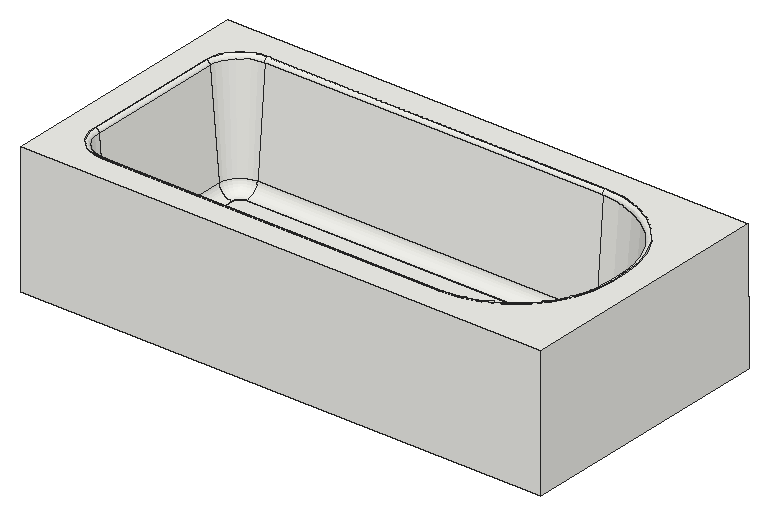
Revit family "M_Banheira-Retangular-3D", category Peças hidrossanitárias, Revit 2019
Family settings
  Hospedeiro = Parede
  Cota do conector redondo = Utilizar diâmetro
  Tipo de parte = Normal
  Número OmniClass = 23.45.05.14.21.11
  Título OmniClass = Bath/Shower Units
  ID de item do Seek = Tub-Rectangular-3D-0000-CAN-ENU
  Sempre na vertical = Sim
  Corte com vazios quando carregada = Não
  Compartilhado = Não
  Ponto de cálculo do ambiente = Não
Parameters
  Linear = 762.00 mm
  Altura = 380.00 mm
  Material do sifão = Porcelana, Marfim
  Largura = 1525.00 mm
Reference planes
  plane 1: y = 0
  plane 2: y = 76.2
  plane 3: y = 838.2
  plane 4: x = -1110.603
  plane 5: x = 414.397
  plane 6: y = 457.2
  plane 7: x = -348.103
  plane 8: z = 380
  plane 9: z = 360.95
Forms (mm)
  Sweep 1, solid, material "Porcelana, Marfim" <- "Material do sifão"
    path origin (0, 0, 380) x (0, 1, 0) y (-1, 0, 0)
      loop
        line (762, -58.797) -> (762, 932.803)
        arc (762, 932.803) -> (732.242, 1004.645) -> (660.4, 1034.403) r 101.6
        line (660.4, 1034.403) -> (254, 1034.403)
        arc (254, 1034.403) -> (182.158, 1004.645) -> (152.4, 932.803) r 101.6
        line (152.4, 932.803) -> (152.4, -58.797)
        arc (152.4, -58.797) -> (234.234, -256.363) -> (431.8, -338.197) r 279.4
        line (431.8, -338.197) -> (482.6, -338.197)
        arc (482.6, -338.197) -> (680.166, -256.363) -> (762, -58.797) r 279.4
    profile origin (-437.003, 0, 380) x (0, -1, 0) y (0, 0, 1)
      loop
        line (-762, 0) -> (-762, -364.136) -> (-685.396, -364.136) -> (-685.396, -345.086)
        arc (-685.396, -345.086) -> (-711.136, -335.077) -> (-723.351, -310.307) r 38.1
        line (-723.351, -310.307) -> (-749.522, -11.177)
        arc (-749.522, -11.177) -> (-753.624, -3.203) -> (-762, 0) r 12.554
  Extrusion 2, solid, material "Porcelana, Marfim" <- "Material do sifão"
    sketch origin (58.797, 431.8, 15.864) x (0, -1, 0) y (1, 0, 0)
      loop
        arc (-253.596, -991.6) -> (-246.275, -1009.275) -> (-228.6, -1016.596) r 24.996
        line (-228.6, -1016.596) -> (177.8, -1016.596)
        arc (177.8, -1016.596) -> (195.475, -1009.275) -> (202.796, -991.6) r 24.996
        line (202.796, -991.6) -> (202.796, 0)
        arc (202.796, 0) -> (143.399, 143.399) -> (0, 202.796) r 202.796
        line (0, 202.796) -> (-50.8, 202.796)
        arc (-50.8, 202.796) -> (-194.199, 143.399) -> (-253.596, 0) r 202.796
        line (-253.596, 0) -> (-253.596, -991.6)
      loop
        circle (-25.4, -972.394) r 22.225
    from 0 to 19.05
  Extrusion 3, solid, material "Porcelana, Marfim" <- "Material do sifão"
    sketch origin (0, 0, 0) x (1, 0, 0) y (0, 1, 0)
      loop
        line (-1110.603, 838.2) -> (-1110.603, 76.2) -> (414.397, 76.2) -> (414.397, 838.2) -> (-1110.603, 838.2)
      loop
        line (-1091.553, 819.15) -> (-1091.553, 95.25) -> (395.347, 95.25) -> (395.347, 819.15) -> (-1091.553, 819.15)
    from 0 to 360.95
  Extrusion 4, solid, material "Porcelana, Marfim" <- "Material do sifão"
    sketch origin (0, 0, 380) x (0, 1, 0) y (-1, 0, 0)
      loop
        line (838.2, 1110.603) -> (76.2, 1110.603) -> (76.2, -414.397) -> (838.2, -414.397) -> (838.2, 1110.603)
      loop
        line (762, -58.797) -> (762, 932.803)
        arc (762, 932.803) -> (732.242, 1004.645) -> (660.4, 1034.403) r 101.6
        line (660.4, 1034.403) -> (254, 1034.403)
        arc (254, 1034.403) -> (182.158, 1004.645) -> (152.4, 932.803) r 101.6
        line (152.4, 932.803) -> (152.4, -58.797)
        arc (152.4, -58.797) -> (234.234, -256.363) -> (431.8, -338.197) r 279.4
        line (431.8, -338.197) -> (482.6, -338.197)
        arc (482.6, -338.197) -> (680.166, -256.363) -> (762, -58.797) r 279.4
    from 0 to -19.05
Cuts and joins
  joined: Extrusion 3, Extrusion 4
Lines and regions (mm)
  Masking region 1
    outline origin (0, 0, 0) x (1, 0, 0) y (0, 1, 0)
      loop
        line (-1110.603, 838.2) -> (-1110.603, 76.2) -> (414.397, 76.2) -> (414.397, 838.2) -> (-1110.603, 838.2)
  symbolic lines
    curve 1: line (-932.803, 152.4, 0) -> (58.797, 152.4, 0)
    curve 2: line (-1034.403, 660.4, 0) -> (-1034.403, 254, 0)
    curve 3: line (58.797, 762, 0) -> (-932.803, 762, 0)
    curve 4: line (338.197, 431.8, 0) -> (338.197, 482.6, 0)
    curve 5: arc (-932.803, 762, 0) -> (-1004.645, 732.242, 0) -> (-1034.403, 660.4, 0) r 101.6
    curve 6: arc (-1034.403, 254, 0) -> (-1004.645, 182.158, 0) -> (-932.803, 152.4, 0) r 101.6
    curve 7: arc (58.797, 762, 0) -> (256.363, 680.166, 0) -> (338.197, 482.6, 0) r 279.4
    curve 8: arc (338.197, 431.8, 0) -> (256.363, 234.234, 0) -> (58.797, 152.4, 0) r 279.4
    curve 9: arc (-913.597, 479.425, 0) -> (-891.372, 457.2, 0) -> (-913.597, 434.975, 0) r 22.225
    curve 10: arc (-913.597, 434.975, 0) -> (-935.822, 457.2, 0) -> (-913.597, 479.425, 0) r 22.225
Text (mm)
  text "Interior" at (0, 975.983, 732.49), in view "Direita"
  text "Interior" at (0, 649.11, 765.354), in view "Esquerda"
Dimensions and locks
  equal spacing: plane 4, plane 7, plane 5
  "Largura": plane 4 to plane 5
  equal spacing: plane 2, plane 6, plane 3
  "Linear": plane 2 to plane 3
  "Altura": host wall to plane 8
  locked: plane 9 to plane 8 at 19.05
  aligned and locked: plane 2 to host wall
  aligned and locked: Sweep 1 sketch curve to Extrusion 4  (x2)
  aligned and locked: Extrusion 2 sketch curve to Sweep 1  (x2)
  aligned and locked: Sweep 1 to Extrusion 4
  aligned and locked: Extrusion 3 to plane 9
  aligned and locked: plane 3 to Masking region 1 sketch curve
  aligned and locked: plane 4 to Masking region 1 sketch curve
  aligned and locked: Masking region 1 sketch curve to plane 5
  aligned and locked: Masking region 1 sketch curve to plane 2
Automatic sketch dimensions
  Sweep 1 sketch curve to plane 8 = 0.00 mm
  Sweep 1 sketch curve to profile plane = 0.00 mm
  plane 8 to Sweep 1 sketch curve = 11.177 mm
  Sweep 1 sketch curve to profile plane = 12.478 mm
  Sweep 1 sketch curve to profile plane = 38.649 mm
  Sweep 1 sketch curve to Sweep 1 sketch curve = 37.955 mm
  Sweep 1 sketch curve to Sweep 1 sketch curve = 295.81 mm
  Sweep 1 sketch curve to Sweep 1 sketch curve = 3.321 mm
  Sweep 1 sketch curve to Sweep 1 sketch curve = 19.05 mm
  Extrusion 3 sketch curve to plane 3 = 0.00 mm
  Extrusion 3 sketch curve to plane 4 = 0.00 mm
  Extrusion 3 sketch curve to plane 2 = 0.00 mm
  Extrusion 3 sketch curve to plane 5 = 0.00 mm
  plane 4 to Extrusion 3 sketch curve = 19.05 mm
  Extrusion 3 sketch curve to Extrusion 3 sketch curve = 19.05 mm
  Extrusion 3 sketch curve to plane 2 = 19.05 mm
  plane 3 to Extrusion 3 sketch curve = 19.05 mm
  Extrusion 4 sketch curve to plane 2 = 0.00 mm
  Extrusion 4 sketch curve to plane 3 = 0.00 mm
  Extrusion 4 sketch curve to plane 2 = 76.20 mm
  plane 4 to Extrusion 4 sketch curve = 76.20 mm
  Extrusion 4 sketch curve to Extrusion 4 sketch curve = 101.60 mm
  plane 6 to Extrusion 4 sketch curve = 25.40 mm
  Extrusion 4 sketch curve to plane 6 = 25.40 mm
  Extrusion 4 sketch curve to Extrusion 4 sketch curve = 177.80 mm
  plane 3 to Extrusion 4 sketch curve = 76.20 mm
  Extrusion 4 sketch curve to plane 5 = 0.00 mm
  Extrusion 4 sketch curve to plane 4 = 0.00 mm
  Extrusion 4 sketch curve to plane 5 = 76.20 mm
  Sweep 1 sketch curve to Sweep 1 sketch curve = 101.60 mm
  plane 6 to Sweep 1 sketch curve = 25.40 mm
  Sweep 1 sketch curve to plane 6 = 25.40 mm
  plane 3 to Sweep 1 sketch curve = 177.80 mm
  plane 3 to Sweep 1 sketch curve = 76.20 mm
  plane 4 to Sweep 1 sketch curve = 177.80 mm
  Extrusion 2 sketch curve to plane 6 = 0.00 mm
  Extrusion 2 sketch curve to Extrusion 2 sketch curve = 22.225 mm
  Extrusion 2 sketch curve to plane 6 = 25.40 mm
  plane 3 to Extrusion 2 sketch curve = 177.80 mm
  plane 3 to Extrusion 2 sketch curve = 152.804 mm
  plane 6 to Extrusion 2 sketch curve = 25.40 mm
  Extrusion 2 sketch curve to Extrusion 2 sketch curve = 24.996 mm
  plane 4 to Extrusion 2 sketch curve = 197.006 mm
  plane 4 to Extrusion 2 sketch curve = 177.80 mm
  curve 10 to plane 6 = 0.00 mm
  plane 4 to curve 2 = 76.20 mm
  host wall to curve 1 = 76.20 mm
  curve 6 to curve 1 = 101.60 mm
  plane 3 to curve 5 = 76.20 mm
  curve 2 to curve 5 = 101.60 mm
  plane 6 to curve 10 = 22.225 mm
  curve 6 to curve 10 = 19.206 mm
  curve 3 to plane 5 = 355.60 mm
  curve 1 to curve 7 = 0.00 mm
  plane 6 to curve 8 = 25.40 mm
